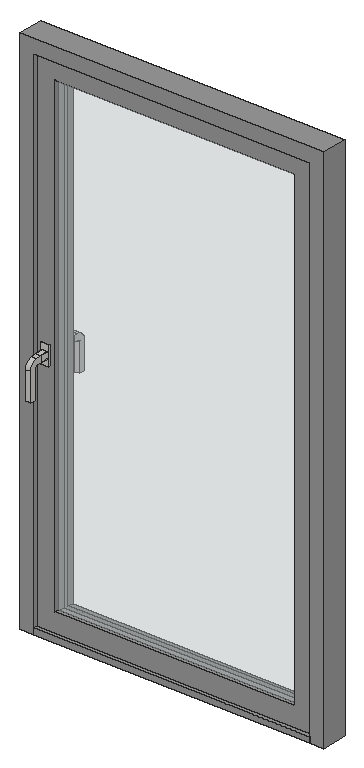
Revit family "Lian - Patio Door - Outward Opening - Wood", category Doors, host Wall, Revit 2017
Family settings
  Host = Wall
  Always vertical = Yes
  Cut with Voids When Loaded = No
  Shared = No
  Room Calculation Point = No
Parameters
  hosted on bimbear.com® = "www.bimbear.com"
  Width = [02.5 - Door Width]  # 1200 mm
  URL = "http://www.lian.no/"
  Type Comments = "Wood"
  Rough Width = [02 - Opening Width]  # 1200 mm
  Rough Height = [01 - Opening Height]  # 2110 mm
  Opening Lines = yes
  OFS = [07 - Offset] + 1500 mm  # 1500 mm
  Model = "Patio Door - Outward Opening"
  Manufacturer = "Lian"
  Height = [01.5 - Door Height]  # 2110 mm
  Construction Type = ""
  Assembly Code = ""
  Analytic Construction = "<None>"
  11 - Sound Transmission Class = ""
  10 - Fire Rating = ""
  08 - Sealant Gap = 0 mm
  07 - Offset = 0 mm
  05.5 - Material Glass = Glass
  05.1 - Material Frame = NCS S 0500-N
  02.5 - Door Width = [02 - Opening Width] - [08 - Sealant Gap] * 2  # 1200 mm
  02 - Opening Width = 1200 mm
  01.5 - Door Height = [01 - Opening Height] - [08 - Sealant Gap]  # 2110 mm
  01 - Opening Height = 2110 mm
Reference planes
  plane 1 "Wall": y = 0
  plane 2 "Center (Left/Right)": x = 125
  plane 3 "Back": y = 75
  plane 4: x = -475
  plane 5: z = 2110
  plane 6: x = 725
  plane 7: x = -475
  plane 8: z = 0
  plane 9: x = 725
  plane 10: z = 2110
  plane 11 "Vindu": y = 0
  plane 12: y = -1500
  plane 13: z = 900
  plane 14: y = -75
  plane 15: y = -73.225
  plane 16: z = 1055
Forms (mm)
  Extrusion 1, solid, material "Glass" <- "05.5 - Material Glass"
    sketch origin (0, 0, 0) x (1, 0, 0) y (0, 1, 0)
      loop
        line (613, 0) -> (-363, 0) -> (-363, -44) -> (613, -44) -> (613, 0)
    from 84.145 to 1997.964
  Extrusion 2, solid, material "NCS S 0500-N" <- "05.1 - Material Frame"
    sketch origin (125, 0, 0) x (0, 1, 0) y (0, 0, 1)
      loop
        line (29.487, 0) -> (29.487, 86.851) -> (0, 96.364) -> (0, 84.145) -> (-44, 84.145) -> (-44, 98.204) -> (-59.753, 98.204) -> (-59.753, 23.159) -> (-75.181, 23.159) -> (-75.181, 0) -> (29.487, 0)
    from -545 to 545
  Extrusion 3, void
    sketch origin (-350, 15.799, 2100) x (0, 0, -1) y (0, -1, 0)
      loop
        line (2100, -24.356) -> (2100, -9.294) -> (2085.905, -9.294) -> (2085.905, -24.356) -> (2100, -24.356)
    from 83.826 to -1033.826
  Sweep 4, solid, material "NCS S 0500-N" <- "05.1 - Material Frame"
    path origin (0, 0, 0) x (0, 0, -1) y (-1, 0, 0)
      loop
        line (0, -725) -> (-2110, -725) -> (-2110, 475) -> (0, 475)
    profile origin (125, 0, 2110) x (0, 0, 1) y (0, 1, 0)
      loop
        line (-55, -59.753) -> (-55, -74.953) -> (0, -74.953) -> (0, 29.487) -> (-37, 29.487) -> (-37, 23.112) -> (-41.174, 23.112) -> (-41.174, 29.487) -> (-124.077, 29.487) -> (-127.697, 0) -> (-112.036, 0) -> (-112.036, -44) -> (-126.143, -44) -> (-126.143, -59.753) -> (-55, -59.753)
Cuts and joins
  Extrusion 3 cuts Extrusion 2
  Extrusion 3 cuts Sweep 4
  joined: Extrusion 2, Sweep 4
Lines and regions (mm)
  Opening 1
    outline origin (-5000, -75, 0) x (1, 0, 0) y (0, 0, 1)
      loop
        line (5725, 2110) -> (4525, 2110) -> (4525, 0) -> (5725, 0) -> (5725, 2110)
  symbolic lines, detail levels coarse
    curve 1: line (125, 0, 0) -> (125, 0, 2110)
  symbolic lines, style "Opening Lines", visible <- "Opening Lines"
    curve 2: line (-420, 0, 1000.083) -> (670, 0, 2055)
    curve 3: line (-420, 0, 1000.083) -> (670, 0, 23.159)
  symbolic lines, style "Doors", detail levels coarse
    curve 4: line (725, 1275, 0) -> (725, 75, 0)
    curve 5: arc (-475, 75, 0) -> (-123.528, 923.528, 0) -> (725, 1275, 0) r 1200
  symbolic lines, style "Doors", detail levels medium+fine
    curve 6: arc (-431.198, -45.728, 0) -> (-105.385, 740.855, 0) -> (681.198, 1066.669, 0) r 1112.397
    curve 7: line (681.198, 1066.669, 0) -> (681.198, -45.728, 0)
Text (mm)
  text "Placement Side" at (-1848.837, 1116.779, 0), in view "Ref. Level"
  text "Placement side" at (0, 1409.804, 2854.306), in view "Left"
  text "Placement side" at (0, 499.811, 2980.732), in view "Right"
Dimensions and locks
  locked: plane 3 "Back" to host wall
  equal spacing: plane 6, plane 2 "Center (Left/Right)", plane 4
  "Rough Width": plane 6 to plane 4
  "Rough Height": level to plane 5
  "08 - Sealant Gap": plane 4 to plane 7
  "08 - Sealant Gap": plane 5 to plane 10
  "08 - Sealant Gap": plane 6 to plane 9
  plane 1 "Wall" to plane 12 = 1500 mm
  "OFS": plane 11 "Vindu" to plane 12
  locked: plane 13 to level at 900
  plane 8 to nested 2 = 1000 mm
  plane 9 to nested 2 = 1110 mm
  locked: nested 2 to plane 8 at 1000
  locked: plane 7 to nested 1 at 112
  locked: plane 8 to nested 4 at 84.145
  plane 7 to Extrusion 1 sketch curve = 112 mm
  Extrusion 1 sketch curve to plane 9 = 112 mm
  locked: plane 11 "Vindu" to Extrusion 1 sketch curve at 44
  plane 7 to nested 2 = 90 mm
  locked: plane 15 to plane 11 "Vindu" at 73.225
  equal spacing: plane 8, plane 16, plane 5
  locked: nested 1 to plane 9 at 112
  locked: plane 5 to nested 4 at 112
  Extrusion 2 to plane 7 = 55 mm
  plane 9 to Extrusion 2 = 55 mm
  locked: plane 5 to Extrusion 1 at 112.036
  locked: plane 8 to Extrusion 1 at 84.145
  locked: Extrusion 1 to plane 9 at 112
  locked: plane 7 to Extrusion 1 at 112
  plane 7 to cut or joined group of Extrusion 2, Extrusion 3, Sweep 4 = 55 mm  (x2)
  locked: plane 9 to cut or joined group of Extrusion 2, Extrusion 3, Sweep 4 at 55
  locked: plane 7 to cut or joined group of Extrusion 2, Extrusion 3, Sweep 4 at 55
  locked: plane 7 to cut or joined group of Extrusion 2, Extrusion 3, Sweep 4 at 41.174
  locked: plane 9 to cut or joined group of Extrusion 2, Extrusion 3, Sweep 4 at 41.174
  locked: Extrusion 2 sketch curve to plane 11 "Vindu" at 29.487
  plane 15 to cut or joined group of Extrusion 2, Extrusion 3, Sweep 4 = 1.956 mm
  locked: plane 15 to Extrusion 2 sketch curve at 1.956
  locked: plane 7 to nested 2 at 90
  locked: plane 7 to nested 8 at 90
  plane 8 to nested 8 = 1000 mm
  aligned and locked: plane 1 "Wall" to host wall
  aligned and locked: Opening 1 sketch curve to plane 6
  aligned and locked: level to Opening 1 sketch curve
  aligned and locked: Opening 1 sketch curve to plane 4
  aligned and locked: Opening 1 sketch curve to plane 10
  aligned and locked: plane 8 to curve 1
  aligned and locked: plane 10 to curve 1
  aligned and locked: nested 3 to plane 5
  aligned and locked: nested 3 to plane 11 "Vindu"
  aligned and locked: nested 4 to plane 11 "Vindu"
  aligned and locked: plane 11 "Vindu" to nested 5
  aligned and locked: nested 5 to plane 7
  aligned and locked: plane 11 "Vindu" to nested 6
  aligned and locked: nested 6 to plane 9
  aligned and locked: plane 11 "Vindu" to Extrusion 1 sketch curve
  aligned and locked: plane 14 to host wall
  aligned and locked: nested 1 to plane 11 "Vindu"
  aligned and locked: plane 8 to nested 7
  aligned and locked: plane 11 "Vindu" to nested 7
  aligned and locked: Extrusion 2 sketch curve to nested 7  (x4)
  aligned and locked: plane 8 to Extrusion 2 sketch curve
  aligned and locked: Extrusion 2 sketch curve to nested 4
  aligned and locked: Extrusion 3 sketch curve to nested 7
  aligned and locked: plane 8 to Extrusion 3 sketch curve
  aligned and locked: nested 7 to Extrusion 3 sketch curve
  aligned and locked: curve 4 to plane 6
  aligned and locked: curve 5 to host wall
  aligned and locked: plane 3 "Back" to curve 4
  aligned and locked: nested 6 to curve 7
  aligned and locked: Sweep 4 sketch curve to plane 5  (x2)
  aligned and locked: Sweep 4 sketch curve to plane 9
  aligned and locked: Sweep 4 sketch curve to plane 7
  aligned and locked: Sweep 4 sketch curve to nested 3  (x7)
  aligned and locked: Sweep 4 sketch curve to Extrusion 1
  aligned and locked: Extrusion 1 to Sweep 4 sketch curve
  aligned and locked: profile plane to Sweep 4 sketch curve
  aligned and locked: nested 3 to Sweep 4 sketch curve
Automatic sketch dimensions
  curve 1 to host wall = 0 mm
  curve 2 to plane 5 = 55 mm
  plane 16 to curve 3 = 54.917 mm
  curve 3 to plane 7 = 55 mm
  level to curve 3 = 23.159 mm
  curve 3 to plane 9 = 55 mm
  level to Extrusion 2 sketch curve = 23.159 mm
  curve 5 to host wall = 0 mm
  curve 6 to plane 9 = 43.802 mm
  curve 6 to plane 7 = 43.802 mm
  curve 6 to curve 7 = 0 mm
  Extrusion 3 sketch curve to Extrusion 3 sketch curve = 15.062 mm
  Sweep 4 sketch curve to level = 0 mm  (x2)
  Sweep 4 sketch curve to Sweep 4 sketch curve = 6.375 mm
  profile plane to Sweep 4 sketch curve = 55 mm
  Extrusion 2 sketch curve to plane 15 = 13.472 mm
  curve 2 to plane 6 = 55 mm
Nested families
  nested 1: "3Glass" at (-363, 0, 0) x (0, -1, 0) z (0, 0, 1), type "3Glass"
    with h 976 mm
  nested 2: "Håndtak" at (-385, -59.753, 1000) x (0, 0, -1) z (0, -1, 0), type "Håndtak"
  nested 3: "BDU-T-3-9-12" at (96.985, 0, 2110) x (0, 1, 0) z (1, 0, 0), type "BDU-T-3-9-12"
  nested 4: "3Glass" at (96.985, 0, 84.145) x (0, -1, 0) z (-1, 0, 0), type "3Glass"
    with h 1913.855 mm
  nested 5: "BDU-T-3-9-12" at (-475, 0, 0) x (0, 1, 0) z (0, 0, 1), type "BDU-T-3-9-12"
  nested 6: "BDU-T-3-9-12" at (725, 0, 0) x (0, 1, 0) z (0, 0, -1), type "BDU-T-3-9-12"
  nested 7: "BDU-T-6" at (125, 0, 0) x (0, 1, 0) z (1, 0, 0), type "BDU-T-6"
  nested 8: "Håndtak" at (-385, 29.487, 1000) x (0, 0, -1) z (0, 1, 0), type "Håndtak"
Definition of nested family "Håndtak"
  Parameters (values of type "Håndtak")
    Default Elevation = 1219.2 mm
  Reference planes
    plane 1 "Center (Front/Back)": y = 0
    plane 2: z = 0
    plane 3 "Center (Left/Right)": x = 0
  Forms (mm)
    Extrusion 1, solid
      sketch origin (0, 0, 0) x (1, 0, 0) y (0, 1, 0)
        loop
          line (-1219.2, 1219.2) -> (-1219.2, -1219.2) -> (1219.2, -1219.2) -> (1219.2, 1219.2) -> (-1219.2, 1219.2)
      from 0 to -304.8
    Blend 2, solid
      base sketch origin (0, 0, 0) x (1, 0, 0) y (0, 1, 0)
        loop
          arc (14, 9.662) -> (13.169, 11.669) -> (11.162, 12.5) r 2.838
          line (11.162, 12.5) -> (-11.162, 12.5)
          arc (-11.162, 12.5) -> (-13.169, 11.669) -> (-14, 9.662) r 2.838
          line (-14, 9.662) -> (-14, -9.662)
          arc (-14, -9.662) -> (-13.169, -11.669) -> (-11.162, -12.5) r 2.838
          line (-11.162, -12.5) -> (11.162, -12.5)
          arc (11.162, -12.5) -> (13.169, -11.669) -> (14, -9.662) r 2.838
          line (14, -9.662) -> (14, 9.662)
      top sketch origin (0, 0, 0) x (1, 0, 0) y (0, 1, 0)
        loop
          line (11, 9.5) -> (-11, 9.5) -> (-11, -9.5) -> (11, -9.5) -> (11, 9.5)
      from 0 to 35.908
    Sweep 3, solid
      path origin (0, 0, 0) x (1, 0, 0) y (0, 0, 1)
        loop
          line (0, 35.908) -> (0, 55.908)
          arc (0, 55.908) -> (5.858, 70.05) -> (20, 75.908) r 20
          line (20, 75.908) -> (133, 75.908)
      profile origin (0, 0, 45.908) x (-1, 0, 0) y (0, -1, 0)
        loop
          line (-11, -9.5) -> (11, -9.5) -> (11, 9.5) -> (-11, 9.5) -> (-11, -9.5)
    Extrusion 4, solid
      sketch origin (0, 0, 0) x (1, 0, 0) y (0, 1, 0)
        loop
          line (-36.932, 15.592) -> (-36.932, -15.658) -> (38.068, -15.658) -> (38.068, 15.592) -> (-36.932, 15.592)
      from 0 to 2.754
  Cuts and joins
    joined: Blend 2, Sweep 3, Extrusion 4
  Dimensions and locks
    aligned and locked: plane 2 to Extrusion 1
    aligned and locked: level to Extrusion 1
Definition of nested family "3Glass"
  Parameters (values of type "3Glass")
    h [instance] = 126.931 mm
  Reference planes
    plane 1 "Center (Front/Back)": y = 0
    plane 2: z = 0
    plane 3 "Center (Left/Right)": x = 0
    plane 4: y = 126.931
  Lines and regions (mm)
    Filled region 1, type "Glass Hatch", in view "Ref. Level", detail levels fine
      outline origin (305.983, -18.8, 0) x (1, 0, 0) y (0, 1, 0)
        loop
          line (-261.983, 18.8) -> (-261.983, 145.731) -> (-265.983, 145.731) -> (-265.983, 18.8) -> (-261.983, 18.8)
        loop
          line (-281.983, 18.8) -> (-281.983, 145.731) -> (-285.983, 145.731) -> (-285.983, 18.8) -> (-281.983, 18.8)
        loop
          line (-301.983, 18.8) -> (-301.983, 145.731) -> (-305.983, 145.731) -> (-305.983, 18.8) -> (-301.983, 18.8)
    Masking region 1, in view "Ref. Level", detail levels medium
      outline origin (0, 0, 0) x (1, 0, 0) y (0, 1, 0)
        loop
          line (44, 0) -> (44, 126.931) -> (0, 126.931) -> (0, 0) -> (44, 0)
    Masking region 2, in view "Ref. Level", detail levels fine
      outline origin (0, 0, 0) x (1, 0, 0) y (0, 1, 0)
        loop
          line (4, 12) -> (4, 0) -> (20, 0) -> (20, 12) -> (4, 12)
        loop
          line (6, 10) -> (6, 2) -> (18, 2) -> (18, 10) -> (6, 10)
        loop
          line (24, 12) -> (24, 0) -> (40, 0) -> (40, 12) -> (24, 12)
        loop
          line (38, 2) -> (38, 10) -> (26, 10) -> (26, 2) -> (38, 2)
    Masking region 3, in view "Ref. Level", detail levels fine
      outline origin (0, 126.931, 0) x (0, -1, 0) y (1, 0, 0)
        loop
          line (12, 4) -> (12, 20) -> (0, 20) -> (0, 4) -> (12, 4)
        loop
          line (10, 6) -> (10, 18) -> (2, 18) -> (2, 6) -> (10, 6)
        loop
          line (12, 24) -> (12, 40) -> (0, 40) -> (0, 24) -> (12, 24)
        loop
          line (2, 38) -> (2, 26) -> (10, 26) -> (10, 38) -> (2, 38)
  Dimensions and locks
    "h": plane 1 "Center (Front/Back)" to plane 4
    aligned and locked: plane 4 to Filled region 1  (x3)
    aligned and locked: plane 1 "Center (Front/Back)" to Filled region 1  (x3)
    aligned and locked: Filled region 1 sketch curve to plane 1 "Center (Front/Back)"  (x3)
    aligned and locked: plane 4 to Masking region 1
  Automatic sketch dimensions
    Filled region 1 sketch curve to plane 3 "Center (Left/Right)" = 0 mm
    Filled region 1 sketch curve to plane 4 = 0 mm  (x3)
    plane 3 "Center (Left/Right)" to Filled region 1 sketch curve = 4 mm
    Filled region 1 sketch curve to Filled region 1 sketch curve = 16 mm  (x2)
    Filled region 1 sketch curve to Filled region 1 sketch curve = 4 mm  (x2)
    Masking region 1 sketch curve to plane 3 "Center (Left/Right)" = 0 mm
    plane 3 "Center (Left/Right)" to Masking region 1 sketch curve = 44 mm
    plane 1 "Center (Front/Back)" to Masking region 2 sketch curve = 0 mm  (x2)
    plane 3 "Center (Left/Right)" to Masking region 2 sketch curve = 4 mm
    Masking region 2 sketch curve to Masking region 2 sketch curve = 2 mm  (x6)
    Masking region 2 sketch curve to Masking region 2 sketch curve = 12 mm  (x2)
    Masking region 2 sketch curve to Masking region 2 sketch curve = 4 mm
    Masking region 2 sketch curve to plane 1 "Center (Front/Back)" = 2 mm  (x2)
    Masking region 2 sketch curve to Masking region 2 sketch curve = 8 mm  (x2)
    Masking region 3 sketch curve to plane 4 = 0 mm  (x2)
    Masking region 3 sketch curve to plane 4 = 2 mm  (x2)
    Masking region 3 sketch curve to Masking region 3 sketch curve = 8 mm  (x2)
    Masking region 3 sketch curve to Masking region 3 sketch curve = 2 mm  (x6)
    plane 3 "Center (Left/Right)" to Masking region 3 sketch curve = 4 mm
    Masking region 3 sketch curve to Masking region 3 sketch curve = 12 mm  (x2)
    Masking region 3 sketch curve to Masking region 3 sketch curve = 4 mm
    plane 4 to Masking region 1 sketch curve = 0 mm
    plane 1 "Center (Front/Back)" to Masking region 1 sketch curve = 0 mm
Definition of nested family "BDU-T-3-9-12"
  Reference planes
    plane 1 "Center (Front/Back)": y = 0
    plane 2: z = 0
    plane 3 "Center (Left/Right)": x = 0
  Lines and regions (mm)
    Filled region 1, type "LianTre", in view "Ref. Level", detail levels fine
      outline origin (630.774, -211.023, 0) x (0, 1, 0) y (-1, 0, 0)
        loop
          line (176.029, 600.727) -> (209.023, 600.727)
          arc (209.023, 600.727) -> (210.437, 601.313) -> (211.023, 602.727) r 2
          line (211.023, 602.727) -> (211.023, 630.727) -> (210.023, 630.727) -> (210.023, 632.727)
          arc (210.023, 632.727) -> (209.144, 634.848) -> (207.023, 635.727) r 3
          line (207.023, 635.727) -> (203.023, 635.727) -> (203.023, 642.727) -> (207.023, 642.727)
          arc (207.023, 642.727) -> (209.144, 643.606) -> (210.023, 645.727) r 3
          line (210.023, 645.727) -> (210.023, 690.727) -> (211.023, 690.727) -> (211.023, 703.727)
          arc (211.023, 703.727) -> (210.437, 705.141) -> (209.023, 705.727) r 2
          line (209.023, 705.727) -> (203.023, 705.727)
          arc (203.023, 705.727) -> (202.316, 705.434) -> (202.023, 704.727) r 1
          line (202.023, 704.727) -> (202.023, 696.727) -> (192.023, 696.727) -> (192.023, 705.727) -> (158.023, 705.727)
          arc (158.023, 705.727) -> (156.609, 705.141) -> (156.023, 703.727) r 2
          line (156.023, 703.727) -> (156.023, 676.502) -> (174.023, 676.502) -> (174.023, 653.526)
          arc (174.023, 653.526) -> (174.268, 652.934) -> (174.86, 652.689) r 0.837
          line (174.86, 652.689) -> (178.888, 652.689) -> (178.888, 643.342) -> (174.947, 643.342)
          arc (174.947, 643.342) -> (174.293, 643.071) -> (174.023, 642.418) r 0.924
          line (174.023, 642.418) -> (174.023, 640.063) -> (175.07, 640.063) -> (176.647, 640.063) -> (176.647, 635.553) -> (176.647, 616.814) -> (174.823, 616.814)
          arc (174.823, 616.814) -> (174.257, 616.58) -> (174.023, 616.014) r 0.8
          line (174.023, 616.014) -> (174.023, 614.373)
          arc (174.023, 614.373) -> (174.241, 613.847) -> (174.767, 613.629) r 0.745
          line (174.767, 613.629) -> (178.888, 613.629) -> (178.888, 607.662) -> (175.326, 607.662)
          arc (175.326, 607.662) -> (174.404, 607.28) -> (174.023, 606.359) r 1.303
          line (174.023, 606.359) -> (174.023, 602.733)
          arc (174.023, 602.733) -> (174.61, 601.315) -> (176.029, 600.727) r 2.006
    Filled region 2, type "LianTre", in view "Ref. Level", detail levels fine
      outline origin (-1.728, 0, 0) x (1, 0, 0) y (0, 1, 0)
        loop
          arc (-56.447, -59.025) -> (-57.577, -59.658) -> (-58.025, -60.872) r 1.87
          line (-58.025, -60.872) -> (-58.025, -120.383)
          arc (-58.025, -120.383) -> (-57.675, -121.226) -> (-56.832, -121.576) r 1.193
          line (-56.832, -121.576) -> (-55.033, -121.576) -> (-55.033, -124.341)
          arc (-55.033, -124.341) -> (-54.505, -125.615) -> (-53.231, -126.143) r 1.801
          line (-53.231, -126.143) -> (-46.901, -126.143)
          arc (-46.901, -126.143) -> (-45.705, -125.647) -> (-45.209, -124.451) r 1.692
          line (-45.209, -124.451) -> (-45.209, -120.383) -> (-48.746, -120.383) -> (-48.746, -117.359) -> (-45.209, -117.359) -> (-45.209, -108.036) -> (28.298, -108.036)
          arc (28.298, -108.036) -> (30.25, -107.227) -> (31.058, -105.275) r 2.761
          line (31.058, -105.275) -> (31.058, -42.78)
          arc (31.058, -42.78) -> (30.588, -41.644) -> (29.452, -41.174) r 1.606
          line (29.452, -41.174) -> (27.277, -41.174)
          arc (27.277, -41.174) -> (26.676, -41.423) -> (26.427, -42.024) r 0.85
          line (26.427, -42.024) -> (26.427, -46.981) -> (21.421, -46.981) -> (21.421, -42.753)
          arc (21.421, -42.753) -> (21.195, -42.207) -> (20.649, -41.981) r 0.773
          line (20.649, -41.981) -> (15.67, -41.981)
          arc (15.67, -41.981) -> (15.237, -42.16) -> (15.058, -42.592) r 0.612
          line (15.058, -42.592) -> (15.058, -43.999) -> (-7.018, -43.999) -> (-7.018, -42.636)
          arc (-7.018, -42.636) -> (-7.257, -42.058) -> (-7.836, -41.818) r 0.818
          line (-7.836, -41.818) -> (-9.787, -41.818)
          arc (-9.787, -41.818) -> (-10.343, -42.049) -> (-10.574, -42.605) r 0.787
          line (-10.574, -42.605) -> (-10.574, -47.518) -> (-20.021, -47.518) -> (-20.021, -43.041)
          arc (-20.021, -43.041) -> (-20.47, -42.067) -> (-21.502, -41.776) r 1.281
          line (-21.502, -41.776) -> (-38.095, -44.404)
          arc (-38.095, -44.404) -> (-38.745, -44.768) -> (-39.003, -45.466) r 1.076
          line (-39.003, -45.466) -> (-39.003, -65.572) -> (-42.821, -65.572) -> (-42.821, -58.819)
          arc (-42.821, -58.819) -> (-43.406, -57.551) -> (-44.749, -57.172) r 1.668
          line (-44.749, -57.172) -> (-56.447, -59.025)
    Filled region 3, type "Solid Fill - Black", in view "Ref. Level", detail levels fine
      outline origin (-1.68, -47.434, 0) x (0, 1, 0) y (-1, 0, 0)
        loop
          line (-71.113, -7.237) -> (-71.069, -6.175) -> (-70.717, -4.655) -> (-68.868, -4.605) -> (-67.509, -1.69) -> (-68.966, -2.855) -> (-71.921, -2.841) -> (-73.92, -1.68) -> (-73.689, -2.855) -> (-78.891, -2.832) -> (-80.365, -1.655) -> (-78.839, -4.655) -> (-72.978, -4.737) -> (-72.682, -6.246) -> (-72.682, -7.237) -> (-73.397, -6.903) -> (-72.893, -7.69) -> (-71.897, -8.155) -> (-70.836, -7.66) -> (-70.397, -6.903) -> (-71.113, -7.237)
    Masking region 1, in view "Ref. Level", detail levels medium
      outline origin (-1.728, 0, 0) x (1, 0, 0) y (0, 1, 0)
        loop
          line (31.216, 0) -> (-73.225, 0) -> (-73.225, -55) -> (-44, -55) -> (-44, -39.318) -> (31.216, -39.318) -> (31.216, 0)
    Filled region 4, type "Solid Fill - Black", in view "Ref. Level", detail levels fine
      outline origin (-28.443, -7.793, 0) x (0.999999, 0.001364, 0) y (-0.001364, 0.999999, 0)
        loop
          line (-13.327, -55.276) -> (-12.844, -57.032) -> (-16.043, -54.476) -> (-12.844, -57.675) -> (-12.353, -56.251) -> (-12.339, -35.426)
          arc (-12.339, -35.426) -> (-12.486, -35.072) -> (-12.839, -34.925) r 0.5
          line (-12.839, -34.925) -> (-15.339, -34.925)
          arc (-15.339, -34.925) -> (-16.753, -35.511) -> (-17.339, -36.925) r 2
          arc (-17.339, -36.925) -> (-16.934, -41.675) -> (-17.339, -46.425) r 28.057
          arc (-17.339, -46.425) -> (-17.046, -47.132) -> (-16.339, -47.425) r 1
          line (-16.339, -47.425) -> (-13.827, -47.425)
          arc (-13.827, -47.425) -> (-13.474, -47.572) -> (-13.327, -47.925) r 0.5
          line (-13.327, -47.925) -> (-13.327, -55.276)
    Masking region 2, in view "Ref. Level", detail levels medium
      outline origin (-1.728, 0, 0) x (1, 0, 0) y (0, 1, 0)
        loop
          line (31.216, -39.318) -> (-44, -39.318) -> (-44, -55) -> (-58.025, -55) -> (-58.025, -126.143) -> (-42.272, -126.143) -> (-42.272, -112) -> (1.728, -112) -> (1.728, -127.697) -> (31.216, -124.077) -> (31.216, -39.318)
    Filled region 5, type "Solid Fill - Black", in view "Ref. Level", detail levels fine
      outline origin (-42.32, -46.974, 0) x (1, 0, 0) y (0, 1, 0)
        loop
          line (-7.237, -71.113) -> (-6.903, -70.397) -> (-7.66, -70.836) -> (-8.155, -71.897) -> (-7.69, -72.893) -> (-6.903, -73.397) -> (-7.237, -72.682) -> (-6.246, -72.682) -> (-4.737, -72.978) -> (-4.655, -78.839) -> (-1.655, -80.365) -> (-2.832, -78.891) -> (-2.855, -73.689) -> (-1.68, -73.92) -> (-2.841, -71.921) -> (-2.855, -68.966) -> (-1.69, -67.509) -> (-4.605, -68.868) -> (-4.655, -70.717) -> (-6.175, -71.069) -> (-7.237, -71.113)
    detail lines, in view "Ref. Level", detail levels fine
      curve 1: line (0, -112.036, 0) -> (0, -108.036, 0)
      curve 2: line (0, -112.036, 0) -> (-44, -108.036, 0)
      curve 3: line (-44, -112.036, 0) -> (0, -108.036, 0)
      curve 4: line (-44, -112.036, 0) -> (-44, -108.036, 0)
      curve 5: line (-44, -112.036, 0) -> (0, -112.036, 0)
      curve 6: arc (2.974, -125.331, 0) -> (3.379, -126.135, 0) -> (4.267, -126.287, 0) r 1
      curve 7: arc (19.436, -121.65, 0) -> (21.993, -119.842, 0) -> (22.974, -116.868, 0) r 5
      curve 8: line (22.974, -116.868, 0) -> (22.974, -110.331, 0)
      curve 9: line (22.974, -110.331, 0) -> (19.974, -110.331, 0)
      curve 10: line (19.974, -110.331, 0) -> (19.974, -108.036, 0)
      curve 11: line (2.974, -108.036, 0) -> (2.974, -117.831, 0)
      curve 12: line (2.974, -117.831, 0) -> (6.474, -117.831, 0)
      curve 13: line (6.474, -117.831, 0) -> (6.474, -120.831, 0)
      curve 14: line (6.474, -120.831, 0) -> (2.974, -120.831, 0)
      curve 15: line (2.974, -120.831, 0) -> (2.974, -125.331, 0)
      curve 16: line (4.267, -126.287, 0) -> (19.436, -121.65, 0)
Definition of nested family "BDU-T-6"
  Reference planes
    plane 1 "Center (Front/Back)": y = 0
    plane 2: z = 0
    plane 3 "Center (Left/Right)": x = 0
  Lines and regions (mm)
    Filled region 1, type "LianTre", in view "Ref. Level", detail levels fine
      outline origin (-15.067, -27.737, 0) x (0, -1, 0) y (1, 0, 0)
        loop
          line (-59.021, -43.576) -> (-57.172, -31.908)
          arc (-57.172, -31.908) -> (-57.551, -30.564) -> (-58.819, -29.979) r 1.668
          line (-58.819, -29.979) -> (-65.572, -29.979) -> (-65.572, -25.948) -> (-45.466, -25.948)
          arc (-45.466, -25.948) -> (-44.768, -25.69) -> (-44.404, -25.041) r 1.076
          line (-44.404, -25.041) -> (-41.776, -8.448)
          arc (-41.776, -8.448) -> (-42.067, -7.415) -> (-43.041, -6.966) r 1.281
          line (-43.041, -6.966) -> (-47.518, -6.966) -> (-47.518, 2.481) -> (-42.605, 2.481)
          arc (-42.605, 2.481) -> (-42.049, 2.711) -> (-41.818, 3.268) r 0.787
          line (-41.818, 3.268) -> (-41.818, 5.219)
          arc (-41.818, 5.219) -> (-42.058, 5.797) -> (-42.636, 6.037) r 0.818
          line (-42.636, 6.037) -> (-43.999, 6.037) -> (-43.999, 28.064) -> (-42.444, 28.064)
          arc (-42.444, 28.064) -> (-42.011, 28.243) -> (-41.832, 28.676) r 0.612
          line (-41.832, 28.676) -> (-41.832, 33.703)
          arc (-41.832, 33.703) -> (-42.059, 34.25) -> (-42.605, 34.476) r 0.773
          line (-42.605, 34.476) -> (-46.981, 34.476) -> (-46.981, 37.588) -> (-42.682, 37.588)
          arc (-42.682, 37.588) -> (-42.081, 37.837) -> (-41.832, 38.438) r 0.85
          line (-41.832, 38.438) -> (-41.832, 42.536)
          arc (-41.832, 42.536) -> (-42.303, 43.672) -> (-43.438, 44.142) r 1.606
          line (-43.438, 44.142) -> (-96.753, 44.142)
          arc (-96.753, 44.142) -> (-98.078, 43.64) -> (-98.738, 42.386) r 2
          line (-98.738, 42.386) -> (-107.871, -31.994) -> (-117.359, -31.994) -> (-117.359, -35.205) -> (-120.383, -35.205) -> (-120.383, -31.994) -> (-124.918, -31.994)
          arc (-124.918, -31.994) -> (-125.641, -32.293) -> (-125.941, -33.016) r 1.023
          line (-125.941, -33.016) -> (-125.941, -39.896)
          arc (-125.941, -39.896) -> (-125.324, -41.384) -> (-123.836, -42.001) r 2.105
          line (-123.836, -42.001) -> (-121.534, -42.001) -> (-121.534, -43.834)
          arc (-121.534, -43.834) -> (-121.147, -44.767) -> (-120.214, -45.154) r 1.32
          line (-120.214, -45.154) -> (-60.868, -45.154)
          arc (-60.868, -45.154) -> (-59.653, -44.706) -> (-59.021, -43.576) r 1.87
        loop
          line (-27.737, -31.082) -> (-34.822, -31.082) -> (-34.822, -40.013) -> (-37.737, -40.013) -> (-37.737, -31.082) -> (-50.896, -31.082) -> (-50.896, -57.896)
          arc (-50.896, -57.896) -> (-50.247, -59.464) -> (-48.678, -60.114) r 2.218
          line (-48.678, -60.114) -> (-27.737, -60.114) -> (-27.737, -31.082)
    Masking region 1, in view "Ref. Level", detail levels medium
      outline origin (-15.259, 0, 0) x (0, -1, 0) y (1, 0, 0)
        loop
          line (0, 40.352) -> (-14.081, 40.352) -> (-14.081, -25.626) -> (-23.159, -25.626) -> (-23.159, -59.922) -> (0, -59.922) -> (0, 40.352)
    Filled region 2, type "Solid Fill - Black", in view "Ref. Level", detail levels fine
      outline origin (-28.732, -18.092, 0) x (-0.001364, -0.999999, 0) y (0.999999, -0.001364, 0)
        loop
          line (-53.234, -13.327) -> (-47.925, -13.327)
          arc (-47.925, -13.327) -> (-47.572, -13.474) -> (-47.425, -13.827) r 0.5
          line (-47.425, -13.827) -> (-47.425, -16.339)
          arc (-47.425, -16.339) -> (-47.132, -17.046) -> (-46.425, -17.339) r 1
          arc (-46.425, -17.339) -> (-41.675, -16.934) -> (-36.925, -17.339) r 28.057
          arc (-36.925, -17.339) -> (-35.511, -16.753) -> (-34.925, -15.339) r 2
          line (-34.925, -15.339) -> (-34.925, -12.839)
          arc (-34.925, -12.839) -> (-35.072, -12.486) -> (-35.426, -12.339) r 0.5
          line (-35.426, -12.339) -> (-54.223, -12.352) -> (-55.644, -12.841) -> (-52.445, -16.041) -> (-55.001, -12.841) -> (-53.234, -13.327)
    Filled region 3, type "Solid Fill - Black", in view "Ref. Level", detail levels fine
      outline origin (-1.655, 16.028, 0) x (-1, 0, 0) y (0, -1, 0)
        loop
          line (-7.237, -71.113) -> (-6.903, -70.397) -> (-7.66, -70.836) -> (-8.155, -71.897) -> (-7.69, -72.893) -> (-6.903, -73.397) -> (-7.237, -72.682) -> (-6.246, -72.682) -> (-4.737, -72.978) -> (-4.655, -78.839) -> (-1.655, -80.365) -> (-2.832, -78.891) -> (-2.855, -73.689) -> (-1.68, -73.92) -> (-2.841, -71.921) -> (-2.855, -68.966) -> (-1.69, -67.509) -> (-4.605, -68.868) -> (-4.655, -70.717) -> (-6.175, -71.069) -> (-7.237, -71.113)
    Filled region 4, type "Solid Fill - Black", in view "Ref. Level", detail levels fine
      outline origin (-42.57, 19.195, 0) x (0, -1, 0) y (1, 0, 0)
        loop
          line (-71.113, -7.237) -> (-71.069, -6.175) -> (-70.717, -4.655) -> (-68.868, -4.605) -> (-67.509, -1.69) -> (-68.966, -2.855) -> (-71.921, -2.841) -> (-73.92, -1.68) -> (-73.689, -2.855) -> (-78.891, -2.832) -> (-80.365, -1.655) -> (-78.839, -4.655) -> (-72.978, -4.737) -> (-72.682, -6.246) -> (-72.682, -7.237) -> (-73.397, -6.903) -> (-72.893, -7.69) -> (-71.897, -8.155) -> (-70.836, -7.66) -> (-70.397, -6.903) -> (-71.113, -7.237)
    Masking region 2, in view "Ref. Level", detail levels fine
      outline origin (40.091, 110.432, 0) x (1, 0, 0) y (0, 1, 0)
        loop
          line (-36.096, -33.996) -> (-37.937, -25.907) -> (-39.096, -26.447) -> (-39.096, -36.198) -> (-15.214, -39.131) -> (-15.214, -34.118) -> (-14.229, -33.944) -> (-15.311, -26.962) -> (-17.714, -26.962) -> (-17.714, -36.365) -> (-30.096, -34.731) -> (-30.096, -25.867) -> (-31.09, -25.763) -> (-33.596, -31.295) -> (-33.596, -32.295) -> (-32.777, -32.403) -> (-33.08, -33.677)
          arc (-33.08, -33.677) -> (-33.359, -34.092) -> (-33.843, -34.22) r 0.712
          line (-33.843, -34.22) -> (-36.096, -33.996)
        loop
          line (-17.786, -104.967) -> (-45.126, -103.534) -> (-45.126, -102.455) -> (-86.24, -100.432) -> (-88.968, -101.163) -> (-89.699, -100.432) -> (-91.446, -101.102) -> (-91.915, -100.432) -> (-93.924, -100.97) -> (-93.924, -102.697) -> (-91.769, -103.347) -> (-91.339, -102.602) -> (-89.186, -103.347) -> (-88.904, -102.532) -> (-86.202, -103.347) -> (-86.24, -110.432) -> (-83.55, -110.432) -> (-83.55, -103.985)
          arc (-83.55, -103.985) -> (-83.252, -103.291) -> (-82.543, -103.027) r 0.959
          line (-82.543, -103.027) -> (-68.268, -103.73)
          arc (-68.268, -103.73) -> (-67.407, -104.124) -> (-67.055, -105.004) r 1.275
          line (-67.055, -105.004) -> (-67.055, -110.432) -> (-64.631, -110.432) -> (-64.631, -105.851)
          arc (-64.631, -105.851) -> (-64.347, -105.164) -> (-63.66, -104.88) r 0.971
          line (-63.66, -104.88) -> (-48.585, -104.88)
          arc (-48.585, -104.88) -> (-47.898, -105.164) -> (-47.614, -105.851) r 0.971
          line (-47.614, -105.851) -> (-47.614, -110.432) -> (-45.126, -110.432) -> (-45.126, -107.205)
          arc (-45.126, -107.205) -> (-44.756, -106.343) -> (-43.875, -106.018) r 1.189
          line (-43.875, -106.018) -> (-35.156, -106.475)
          arc (-35.156, -106.475) -> (-34.305, -106.867) -> (-33.958, -107.737) r 1.264
          line (-33.958, -107.737) -> (-33.958, -110.432) -> (-26.542, -110.432)
          arc (-26.542, -110.432) -> (-25.936, -109.862) -> (-26.468, -109.222) r 0.607
          line (-26.468, -109.222) -> (-31.582, -108.594) -> (-31.582, -106.662) -> (-17.58, -107.396) -> (-17.58, -109.399) -> (-14.998, -109.399) -> (-14.998, -107.905)
          arc (-14.998, -107.905) -> (-15.806, -105.88) -> (-17.786, -104.967) r 2.942
    Masking region 3, in view "Ref. Level", detail levels fine
      outline origin (89.944, 138.066, 0) x (1, 0, 0) y (0, 1, 0)
        loop
          line (-84.341, -47.416) -> (-85.449, -47.416)
          arc (-85.449, -47.416) -> (-85.803, -47.27) -> (-85.949, -46.916) r 0.5
          line (-85.949, -46.916) -> (-85.949, -45.332)
          arc (-85.949, -45.332) -> (-85.753, -44.935) -> (-85.32, -44.849) r 0.5
          line (-85.32, -44.849) -> (-83.334, -45.381) -> (-83.118, -46.187) -> (-82.128, -46.187) -> (-82.128, -44.669) -> (-86.32, -43.546)
          arc (-86.32, -43.546) -> (-86.753, -43.632) -> (-86.949, -44.029) r 0.5
          line (-86.949, -44.029) -> (-86.949, -48.58)
          arc (-86.949, -48.58) -> (-86.593, -49.128) -> (-85.948, -49.026) r 0.6
          arc (-85.948, -49.026) -> (-83.544, -49.603) -> (-84.944, -51.641) r 1.5
          line (-84.944, -51.641) -> (-86.449, -51.641)
          arc (-86.449, -51.641) -> (-86.803, -51.787) -> (-86.949, -52.141) r 0.5
          arc (-86.949, -52.141) -> (-86.803, -52.494) -> (-86.449, -52.641) r 0.5
          line (-86.449, -52.641) -> (-84.949, -52.641)
          arc (-84.949, -52.641) -> (-84.595, -52.787) -> (-84.449, -53.141) r 0.5
          line (-84.449, -53.141) -> (-84.449, -60.429)
          arc (-84.449, -60.429) -> (-84.303, -60.783) -> (-83.949, -60.929) r 0.5
          line (-83.949, -60.929) -> (-82.949, -60.929) -> (-82.63, -60.037) -> (-83.449, -59.929) -> (-83.449, -52.145)
          arc (-83.449, -52.145) -> (-82.554, -50.873) -> (-82.583, -49.318) r 2.5
          line (-82.583, -49.318) -> (-53.949, -58.177) -> (-53.949, -68.987)
          arc (-53.949, -68.987) -> (-53.449, -69.487) -> (-52.949, -68.987) r 0.5
          line (-52.949, -68.987) -> (-52.949, -57.544) -> (-84.341, -47.416)
    Masking region 4, in view "Ref. Level", detail levels medium
      outline origin (0, 0, 0) x (1, 0, 0) y (0, 1, 0)
        loop
          line (-60.221, 98.204) -> (-60.221, 23.159) -> (-40.885, 23.159) -> (-40.885, 14.081) -> (29.075, 14.081) -> (29.075, 86.984) -> (0, 96.364) -> (0, 84.145) -> (-44.069, 84.145) -> (-44.069, 98.204) -> (-60.221, 98.204)
    detail lines, in view "Ref. Level", detail levels fine
      curve 1: line (-44.069, 84.145, 0) -> (-44.069, 79.795, 0)
      curve 2: line (0, 84.145, 0) -> (0, 74.34, 0)
      curve 3: line (0, 84.145, 0) -> (-44.069, 79.795, 0)
      curve 4: line (-44.069, 84.145, 0) -> (0, 74.34, 0)
      curve 5: line (-44.069, 84.145, 0) -> (0, 84.145, 0)
